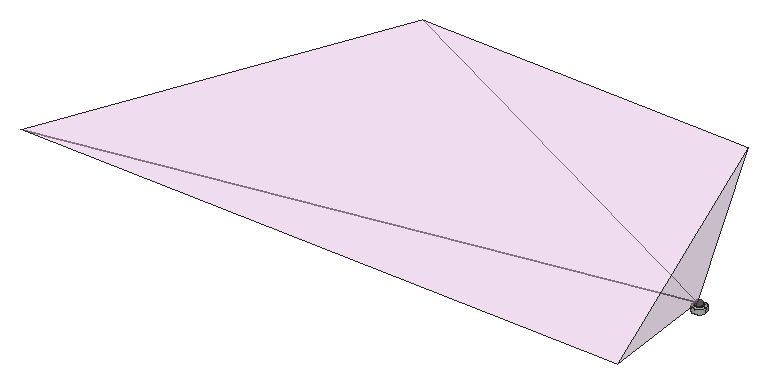
Revit family "Camera-Security-Panasonic-Super_Dynamic-Vandal_Resistant-Waterproof-Dome-Network-S2550LSeriesX", category Security Devices, host Face, Revit 2016
Family settings
  Host = Face
  Maintain Annotation Orientation = No
  Part Type = Normal
  Round Connector Dimension = Use Diameter
  OmniClass Number = 23.85.10.14.11
  OmniClass Title = Cameras
  Cut with Voids When Loaded = No
  Shared = No
  Room Calculation Point = No
Parameters (values of type "WV-S2550L")
  z Zero = 0.000"  # constant formula
  z Yaw Actual [instance] = if(and(On Wall, not(On Ceiling)), Yaw Actual, Yaw Actual + 180.00°)  # 180.00°
  z VV Viewpoint Depth Min = 1.18504"
  z VV Viewpoint Depth Max = 1.18504"
  z VV Viewpoint Depth [instance] = (z VV Viewpoint Depth Max - z VV Viewpoint Depth Min) * z HFOV Ratio + z VV Viewpoint Depth Min  # 1.18504"
  z VV Origin Horizontal Offset [instance] = 0.000"
  z VV Origin HeightX [instance] = 2.42126"  # constant formula
  z VV Origin Height [instance] = if(z Decoration Cover Visible, z Embedded Bottom Offset + z VV Origin HeightX, if(z Base Bracket Visible, z VV Origin HeightX + Base Bracket Height, z VV Origin HeightX))  # 2.42126"
  z VV Origin Angle [instance] = 0.00°
  z Tilt Actual [instance] = Tilt Actual  # 45.00°
  z Pan Actual Safe [instance] = if(Pan Actual = -180.00°, 180.00°, Pan Actual)  # 0.00°
  z Pan Actual [instance] = Pan Actual  # 0.00°
  z Level Offset = 7.87402"  # constant formula
  z HFOV Ratio [instance] = (Horizontal FOV Actual - Horizontal FOV Min) / (Horizontal FOV Max - Horizontal FOV Min)  # 0.38571
  z Dome Radius = Dome Diameter / 2  # 1.65354"
  z Decoration Cover Visible [instance] = Set with Decoration Cover  # no
  z Const Yaw Handle Length = 9.25197"  # constant formula
  z Const Yaw Base2 Length = 17.32283"  # constant formula
  z Const Yaw Base Length = 10.23622"  # constant formula
  z Const Tilt Handle Length = 11.81102"  # constant formula
  z Const Tilt Base2 Length = 19.68504"  # constant formula
  z Const Tilt Base Length = 9.84252"  # constant formula
  z Const Pan Handle Length = 19.48819"  # constant formula
  z Embedded Bottom Offset = -1.68504"
  z Camera Type = 1
  z Camera Top Height [instance] = if(z Decoration Cover Visible, z Level Offset + Base Height + z Embedded Bottom Offset, if(z Base Bracket Visible, z Level Offset + z Camera Bottom Offset + Base Height, z Level Offset + Base Height))  # 10.07874"
  z Camera Radius2 = z Camera Radius * 0.7  # 2.11899"
  z Camera Radius = 3.02714"
  z Camera Center Offset [instance] = 0.000"
  z Camera Bottom Offset [instance] = Base Bracket Height  # 1.41732"
  z Camera Bottom Height [instance] = if(z Base Bracket Visible, z Level Offset + z Camera Bottom Offset, z Level Offset)  # 7.87402"
  z Camera Angle [instance] = 90.00°
  z Base Visible [instance] = not(z Decoration Cover Visible)  # yes
  z Base Bracket Visible [instance] = and(z Camera Type = 1, Has Base Bracket, not(z Decoration Cover Visible))  # no
  Decoration Cover Radius = 4.13976"
  Decoration Cover Wall Height = 0.11811"  # constant formula
  Decoration Cover Hole Radius = 2.08071"
  Decoration Cover Height = 0.51969"
  Base Radius = 3.0315"
  z Dome Offset [instance] = 2.20472"
  Yawing Range = "-100 to +100"  # constant formula
  Yaw Min = -100.00°  # constant formula
  Yaw Max = 100.00°  # constant formula
  Yaw Desired [instance] = 0.00°
  Yaw Actual [instance] = if(Yaw Desired > Yaw Max, Yaw Max, if(Yaw Desired < Yaw Min, Yaw Min, Yaw Desired))  # 0.00°
  Wide Dynamic Range = yes
  Weight [instance] = 3.53 lbf
  Water and Dust Resistance = "IP66 (IEC60529), Type 4X(UL50), NEMA 4X compliant"
  WQHD = Resolution : WQHD
  Voltage DC = 12 V  # constant formula
  Vertical FOV Min [instance] = if(and(Aspect Ratio 4_3, not(Aspect Ratio 16_9)), VFOV Min 43, VFOV Min 169)  # 19.00°
  Vertical FOV Max [instance] = if(and(Aspect Ratio 4_3, not(Aspect Ratio 16_9)), VFOV Max 43, VFOV Max 169)  # 55.00°
  Vertical FOV Actual [instance] = z HFOV Ratio * (Vertical FOV Max - Vertical FOV Min) + Vertical FOV Min  # 32.8857°
  Vandal Resistant = yes
  VFOV Min 43 = 25.00°
  VFOV Min 169 = 19.00°
  VFOV Max 43 = 75.00°
  VFOV Max 169 = 55.00°
  URL = "http://security.panasonic.com/pss/security/"
  Tilting Range = "-30 to +85"  # constant formula
  Tilt Min = -30.00°  # constant formula
  Tilt Max = 85.00°  # constant formula
  Tilt Desired [instance] = 45.00°
  Tilt Actual [instance] = if(Tilt Desired > Tilt Max, Tilt Max, if(Tilt Desired < Tilt Min, Tilt Min, Tilt Desired))  # 45.00°
  Storage Temperature = Operational Temperature  # "-40°F - 140°F"
  Show View Volume [instance] = yes
  Shock Resistance = "Compliant with 50J IEC60068-2-75, IK10 (IEC 62262)"
  Set with Decoration Cover [instance] = no
  Resolution [instance] = Resolution : 5M
  Regulatory Compliance = "UL (UL60950-1), c-UL (CSA C22.2 No.60950-1), CE, IEC60950-1, FCC (Part15 ClassA), ICES003 ClassA, EN55032 ClassB, EN55024"  # constant formula
  Provide Feedback = "https://www.surveymonkey.com/s/95FL6QY"
  Product Page URL = "https://security.panasonic.com/products/wv-s2550l/"
  Product Material = Paint - Panasonic - Light Gray
  Product Documentation Link = "https://bizpartner.panasonic.net/public/ppr/product/9287?accordion_tab=96"
  Power Active = 10.2 W
  Part Number = Model  # "WV-S2550L"
  Part Description = Description  # "Security Camera, Fixed Dome, Network, Super Dynamic  Vandal Resistant  Weatherproof, 5M Pixel, WV-S2550L"
  Panning Range = "-180 to +180"
  Pan Min = -180.00°
  Pan Max = 180.00°
  Pan Desired [instance] = 0.00°
  Pan Actual [instance] = if(Pan Desired > Pan Max, Pan Max, if(Pan Desired < Pan Min, Pan Min, Pan Desired))  # 0.00°
  PPM Desired [instance] = 300
  PPM Actual [instance] = if(PPM Desired > 1, PPM Desired, 1)  # 300
  Original Creation Date = "2018/05/22"
  Operational Temperature = "-40°F - 140°F"
  Operational Humidity = "10 to 100 % (no condensation)"
  On Wall [instance] = no
  On Ceiling [instance] = yes
  Mounting Positions = "Surface Mount"  # constant formula
  Model Disclaimer = "Contact Panasonic for more information"  # constant formula
  Model = "WV-S2550L"
  Minimum Illumination = 0.070 lx  # constant formula
  Manufacturer = "Panasonic"  # constant formula
  Indoor Or Outdoor = "Outdoor"
  IP Or Analog = "IP"  # constant formula
  Horizontal Resolution Actual [instance] = if(and(Aspect Ratio 4_3, not(Aspect Ratio 16_9)), Horizontal Resolution 43, Horizontal Resolution 169)  # 3072
  Horizontal Resolution 43 [instance] = if(Resolution = [5M], 3072, if(Resolution = WQHD, 2560, if(Resolution = Full HD, 1280, 3072)))  # 3072
  Horizontal Resolution 169 [instance] = if(Resolution = [5M], 3072, if(Resolution = WQHD, 2560, if(Resolution = Full HD, 1920, 3072)))  # 3072
  Horizontal FOV Min [instance] = if(and(Aspect Ratio 4_3, not(Aspect Ratio 16_9)), HFOV Min 43, HFOV Min 169)  # 33.00°
  Horizontal FOV Max [instance] = if(and(Aspect Ratio 4_3, not(Aspect Ratio 16_9)), HFOV Max 43, HFOV Max 169)  # 103.00°
  Horizontal FOV Desired [instance] = 60.00°
  Horizontal FOV Actual [instance] = if(Horizontal FOV Desired > Horizontal FOV Max, Horizontal FOV Max, if(Horizontal FOV Desired < Horizontal FOV Min, Horizontal FOV Min, Horizontal FOV Desired))  # 60.00°
  Height = 5.47244"
  Has POE = yes
  Has Base Bracket [instance] = no
  HFOV Min 43 = 33.00°
  HFOV Min 169 = 33.00°
  HFOV Max 43 = 103.00°
  HFOV Max 169 = 103.00°
  Full HD = Resolution : Full HD
  Family Version = "1.0.0"  # constant formula
  Equipment Number [instance] = ""
  Equipment Abbreviation = "SC"
  Dome Diameter = 3.30709"
  Dome Bottom Offset = 0.19685"
  Distance to Screen [instance] = 393.70079"
  Distance to PPM Target [instance] = if(PPM Actual = 0, 0.000", 39.37008" * Horizontal Resolution Actual / (PPM Actual * 2 * tan(Horizontal FOV Actual / 2)))  # 349.1378"
  Distance to Floor [instance] = 118.11024"
  Distance to Ceiling [instance] = 0.000"
  Diameter = 6.45669"
  Description = "Security Camera, Fixed Dome, Network, Super Dynamic  Vandal Resistant  Weatherproof, 5M Pixel, WV-S2550L"
  Default Elevation = 0.000"
  Day Or Night = "Yes"  # constant formula
  Date Last Modified = "2018/05/22"
  Copyright = "Copyright © Panasonic"  # constant formula
  Communication Ports = "10Base-T / 100Base-TX, RJ45 connector"  # constant formula
  Base Bracket Height = 1.41732"
  Base Height = 2.20472"
  Audio Out = "Yes"  # constant formula
  Audio In = "Yes"  # constant formula
  Aspect Ratio 4_3 [instance] = no
  Aspect Ratio 16_9 [instance] = yes
  Angle Of View = "103"
  Alarm Input Or Output Specification = "ALARM IN 1(Alarm input 1/ Black & white input/ Auto time adjustment input) (x1) ALARM IN 2 (Alarm input 2/ ALARM OUT) (x1) , ALARM IN 3 (Alarm input 3/ AUX OUT) (x1)"  # constant formula
  Accessory Part Number [instance] = if(and(Set with Decoration Cover, z Camera Type = 0), "WV-Q174B", if(and(Set with Decoration Cover, z Camera Type = 1), "WV-Q169A", "Select a Mounting Option"))  # "Select a Mounting Option"
  5M = Resolution : 5M
Types (2): name | z HFOV Ratio | z Dome Radius | z Embedded Bottom Offset | z Camera Type | z Camera Radius2 | z Camera Radius | Decoration Cover Radius | Decoration Cover Hole Radius | Decoration Cover Height | Base Radius | Weight | Water and Dust Resistance | Vertical FOV Max | Vertical FOV Actual | VFOV Max 43 | VFOV Max 169 | Storage Temperature | Shock Resistance | Product Page URL | Product Material | Product Documentation Link | Power Active | Part Number | Part Description | Panning Range | Pan Min | Pan Max | Operational Temperature | Operational Humidity | Model | Indoor Or Outdoor | Horizontal FOV Max | Height | HFOV Max 43 | HFOV Max 169 | Dome Diameter | Diameter | Description | Angle Of View
  WV-S2550L | 0.38571 | 1.65354" | -1.68504" | 1 | 2.11899" | 3.02714" | 4.13976" | 2.08071" | 0.51969" | 3.0315" | 3.53 lbf | "IP66 (IEC60529), Type 4X(UL50), NEMA 4X compliant" | 55.00° | 32.8857° | 75.00° | 55.00° | "-40°F - 140°F" | "Compliant with 50J IEC60068-2-75, IK10 (IEC 62262)" | "https://security.panasonic.com/products/wv-s2550l/" | Paint - Panasonic - Light Gray | "https://bizpartner.panasonic.net/public/ppr/product/9287?accordion_tab=96" | 10.2 W | "WV-S2550L" | "Security Camera, Fixed Dome, Network, Super Dynamic  Vandal Resistant  Weatherproof, 5M Pixel, WV-S2550L" | "-180 to +180" | -180.00° | 180.00° | "-40°F - 140°F" | "10 to 100 % (no condensation)" | "WV-S2550L" | "Outdoor" | 103.00° | 5.47244" | 103.00° | 103.00° | 3.30709" | 6.45669" | "Security Camera, Fixed Dome, Network, Super Dynamic  Vandal Resistant  Weatherproof, 5M Pixel, WV-S2550L" | "103"
  WV-S2250L | 0.375 | 1.63386" | -1.67323" | 0 | 1.78445" | 2.54921" | 3.66142" | 1.63386" | 0.61811" | 2.54921" | 1.72 lbf | "N/A" | 56.00° | 32.875° | 76.00° | 56.00° | "14°F - 122°F" | "IK10 (IEC 62262)" | "https://security.panasonic.com/products/wv-s2250l/" | Paint - Panasonic - Sail White | "https://bizpartner.panasonic.net/public/ppr/product/9290?accordion_tab=96" | 8.4 W | "WV-S2250L" | "Security Camera, Fixed Dome, Network, Super Dynamic , 5M Pixel, WV-S2250L" | "-240 to +120" | -240.00° | 120.00° | "14°F - 122°F" | "10 to 90 % (no condensation)" | "WV-S2250L" | "Indoor" | 105.00° | 4.03543" | 105.00° | 105.00° | 3.26772" | 5.09843" | "Security Camera, Fixed Dome, Network, Super Dynamic , 5M Pixel, WV-S2250L" | "105"
Reference planes (in)
  plane 1 "Center (Front/Back)": y = 0
  plane 2: z = 0
  plane 3 "Center (Left/Right)": x = 0
  plane 4 "Body Bottom": z = 0
  plane 5: y = 0
  plane 6 "Level Offset": z = -7.87402
  plane 7 "BP": z = 2.42126
  plane 8: z = 2.20472
  plane 9: z = 2.40157
  plane 10: z = 4.05512
Forms (in)
  Revolve 1, solid, material "Paint - Panasonic - Light Gray" <- "Product Material", visible <- "z Base Visible"
    sketch origin (0, 0, 0) x (0, 0, 1) y (1, 0, 0)
      loop
        line (0.00001, 3.02714) -> (0.00001, 0) -> (2.20472, 0) -> (2.20472, 2.11899) -> (1.70472, 2.87799) -> (0.00001, 3.02714)
      axis (2.20472, 0) -> (0.00001, 0)
    angle from 0 to 360
  Revolve 2, solid, material "Glass - Panasonic - Black"
    sketch origin (0, 0, 0) x (0, 1, 0) y (0, 0, 1)
      loop
        arc (1.65354, 2.40157) -> (1.16923, 3.57081) -> (0, 4.05512) r 1.65354
        line (0, 4.05512) -> (0, 2.20472) -> (1.65354, 2.20472) -> (1.65354, 2.40157)
      axis (0, 2.20472) -> (0, 4.05512)
    angle from 0 to 360
  Extrusion 3, solid
    sketch origin (0, 0, 0) x (1, 0, 0) y (0, 1, 0)
      loop
        circle (0, 0) r 0.3937
    from 0 to 0.3937
Lines and regions (in)
  reference lines
    curve 1: line (0, 0, 0) -> (0, 0, 2.20472)
    curve 2: line (0, -1, 10.89222) -> (0, 1, 10.89222)
  symbolic lines, not visible
    curve 3: line (-1.15, -2.6875, 0) -> (1.15, -2.6875, 0)
Dimensions and locks (in)
  "z Camera Center Offset": plane 5 to plane 1 "Center (Front/Back)"
  "z Level Offset": level to plane 6 "Level Offset"
  "z Camera Bottom Height": plane 4 "Body Bottom" to plane 6 "Level Offset"
  "z VV Origin Height": plane 7 "BP" to level
  "z Camera Top Height": plane 8 to plane 6 "Level Offset"
  "Dome Bottom Offset": plane 8 to plane 9
  "z Dome Radius": plane 10 to plane 9
  "z Camera Radius": Revolve 1 sketch curve to plane 3 "Center (Left/Right)"
  locked: Revolve 1 sketch curve to Revolve 1 sketch curve at 0.5
  "z Camera Radius2": Revolve 1 sketch curve to plane 3 "Center (Left/Right)"
  "z Dome Radius": radius of Revolve 2 sketch curve
  "z Camera Angle": angle curve 1 to plane 4 "Body Bottom"
  locked: Revolve 1 sketch curve to Revolve 1 sketch curve (angle 85.00°)
  aligned and locked: plane 2 to host face
  aligned and locked: level to host face
  aligned and locked: plane 5 to curve 1
  aligned and locked: nested 1 to plane 3 "Center (Left/Right)"
  aligned and locked: nested 1 to plane 1 "Center (Front/Back)"
  aligned and locked: plane 8 to Revolve 1 sketch curve
Automatic sketch dimensions
  host sketch curve to host sketch curve = 96.000"  (x2)
  curve 3 to plane 3 "Center (Left/Right)" = 1.150"
  plane 3 "Center (Left/Right)" to curve 3 = 1.150"
  curve 1 to curve 2 = 1.000"
  curve 1 to curve 2 = 8.6875"
  curve 2 to curve 1 = 1.000"
  plane 1 "Center (Front/Back)" to curve 3 = 2.6875"
  Revolve 2 sketch curve to plane 1 "Center (Front/Back)" = 0.000"
  Revolve 2 sketch curve to plane 9 = 0.000"
  plane 8 to Revolve 2 sketch curve = 0.000"
  Revolve 2 sketch curve to plane 10 = 0.000"
  plane 1 "Center (Front/Back)" to Extrusion 3 sketch curve = 0.000"
  Extrusion 3 sketch curve to plane 3 "Center (Left/Right)" = 0.000"
  curve 1 to level = 0.000"
  Revolve 1 sketch curve to plane 3 "Center (Left/Right)" = 0.000"  (x2)
  level to Revolve 1 sketch curve = 0.00001"
  Revolve 1 sketch curve to level = 0.45341"
  plane 7 "BP" to Revolve 1 sketch curve = 0.01657"
  radius of Extrusion 3 sketch curve = 0.3937"
Nested families (in)
  nested 1: "Camera-Security-Panasonic-ViewVolumePTYZ" at (0, 0, 2.42126), Viewpoint Depth <- "z VV Viewpoint Depth", Base Height Offset <- "z VV Origin Height", Base Angle Offset <- "z VV Origin Angle", Viewpoint Origin Horizontal Offset <- "z VV Origin Horizontal Offset", Yaw <- "Yaw Actual", Tilt <- "Tilt Actual", Pan <- "Pan Actual", HFOV <- "Horizontal FOV Actual", VFOV <- "Vertical FOV Actual", On Wall <- "On Wall", On Ceiling <- "On Ceiling", Screen Depth <- "Distance to Screen", Floor Distance <- "Distance to Floor", Ceiling Distance <- "Distance to Ceiling", Target Depth <- "Distance to PPM Target", visible <- "Show View Volume", type "Camera-Security-Panasonic-ViewVolumePTYZ"
    with z Yaw Actual 0.00°, z Void Width 1249.22068", z Void Thickness 397.30709", z Void Height Start -624.61034", z Void Height End 624.61034", z Void Direction 0, z Void Angle 0.00°, z Viewpoint Depth 1.18504", z Tilt Actual 45.00°, z Target Width 403.14961", z Target Visible yes, z Target Height 206.08136", z Target Depth 350.32284", z Screen Width 454.60651", z Screen Height 232.38502", z Screen Depth 394.88583", z Pan Actual 0.00°, z Floor Distance 118.11024", z Ceiling Distance 0.000", Yaw 0.00°, Viewpoint Origin Horizontal Offset 0.000", Viewpoint Depth 1.18504", VFOV 32.8857°, Tilt 45.00°, Target Depth 349.1378", Screen Depth 393.70079", Pan 0.00°, On Wall no, On Floor no, On Default Mount Type 0, On Ceiling yes, HFOV 60.00°, Floor Distance 118.11024", Ceiling Distance 0.000", Base Height Offset 2.42126", Base Angle Offset 0.00°
  nested 2: "Base Bracket" at (0, 0, 0), visible <- "z Base Bracket Visible", Base Bracket Height <- "Base Bracket Height", Visible <- "z Base Bracket Visible", Product Material <- "Product Material", type "Base Bracket"
    with Visible no, Product Material Paint - Panasonic - Light Gray, Inner Diameter 3.14961", Base Bracket Height 1.41732", Base Bracket Diameter 3.22835"
  nested 3: "Decoration Cover" at (0, 0, 0), visible <- "z Decoration Cover Visible", Product Material <- "Product Material", Decoration Cover Radius <- "Decoration Cover Radius", Decoration Cover Height <- "Decoration Cover Height", Hole Radius <- "Decoration Cover Hole Radius", Wall Height <- "Decoration Cover Wall Height", type "Decoration Cover"
    with Wall Height 0.11811", Top Ring Width 0.41398", Product Material Paint - Panasonic - Light Gray, Hole Radius 2.08071", Decoration Cover Radius 4.13976", Decoration Cover Height 0.51969"
Connectors (in)
  electrical at (0, 0, 0), driven by "Power Active", driven by "Voltage DC"
    settings: on host face, index 3, voltage 12 V, apparent load 10.2 W, apparent load phase1 0.0 W, apparent load phase2 0.0 W, apparent load phase3 0.0 W, power factor 1, load classification "Other", number of poles 1, system type 30, power factor state 1, is connector primary yes, connector utility no, sub classification motor no, connector description "Electrical Connection"
  electrical at (0, 0, 0)
    settings: on Extrusion 3, index 5, voltage 0 V, apparent load 0.0 W, apparent load phase1 0.0 W, apparent load phase2 0.0 W, apparent load phase3 0.0 W, power factor 1, load classification "Other", number of poles 1, system type 5, power factor state 1, is connector primary no, connector utility no, sub classification motor no, connector description "Data Connection"
Definition of nested family "Camera-Security-Panasonic-ViewVolumePTYZ"
  Parameters
    z Yaw Actual [instance] = if(Yaw < 0.00°, 360.00° - (abs(Yaw) - rounddown(abs(Yaw) / 360.00°) * 360.00°), Yaw - rounddown(Yaw / 360.00°) * 360.00°)  # 0.00°
    z Void Width [instance] = if(z Screen Width > z Screen Height, z Screen Width, z Screen Height) + abs(Viewpoint Origin Horizontal Offset) + z Void Thickness * 2  # 1265.63013"
    z Void Thickness [instance] = z Screen Depth + abs(Base Height Offset)  # 405.51181"
    z Void Height Start [instance] = -z Void Width / 2  # -632.81507"
    z Void Height End [instance] = z Void Width / 2  # 632.81507"
    z Void Direction [instance] = if((if(On Wall, 1, 0) + if(On Floor, 1, 0) + if(On Ceiling, 1, 0)) = 1, if(On Ceiling, 0, if(On Wall, 1, 2)), On Default Mount Type)  # 0
    z Viewpoint Depth [instance] = if(Viewpoint Depth < 0.03937", 0.03937", Viewpoint Depth)  # 5.90551"
    z Tilt Actual [instance] = if(Tilt < 0.00°, 360.00° - (abs(Tilt) - rounddown(abs(Tilt) / 360.00°) * 360.00°), Tilt - rounddown(Tilt / 360.00°) * 360.00°)  # 45.00°
    z Target Visible [instance] = not(Screen Depth < Target Depth)  # yes
    z Target Thickness Start = -z Target Thickness / 2  # -0.03937"
    z Target Thickness End = z Target Thickness / 2  # 0.03937"
    z Target Depth [instance] = Target Depth + Viewpoint Depth  # 84.64567"
    z Pan Actual [instance] = if(Pan < 0.00°, 360.00° - (abs(Pan) - rounddown(abs(Pan) / 360.00°) * 360.00°), Pan - rounddown(Pan / 360.00°) * 360.00°)  # 0.00°
    z Floor Distance [instance] = if(z Void Direction = 2, if(Floor Distance < 0.000", 0.000", Floor Distance), if(Floor Distance < 0.3937", 0.3937", Floor Distance))  # 118.11024"
    z Const Yaw Base2 Length = 17.32283"  # constant formula
    z Const Tilt Base2 Length = 19.68504"  # constant formula
    z Ceiling Distance [instance] = if(z Void Direction = 2, if(Ceiling Distance < 0.3937", 0.3937", Ceiling Distance), if(Ceiling Distance < 0.000", 0.000", Ceiling Distance))  # 0.000"
    z Const Void Handle Length = 23.62205"  # constant formula
    z Void Angle [instance] = if(z Void Direction = 0, 0.00° + Base Angle Offset, if(z Void Direction = 1, 90.00° + Base Angle Offset, 180.00° + Base Angle Offset))  # 0.00°
    z Screen Depth [instance] = if(Screen Depth < 3.93701", 3.93701" + Viewpoint Depth, Screen Depth + Viewpoint Depth)  # 399.6063"
    Original Creation Date = "September, 15, 2016"  # constant formula
    On Default Mount Type [instance] = 0
    Manufacturer = "Panasonic"  # constant formula
    Family Version = "1.0.0"  # constant formula
    Default Elevation = 48.000"
    Date Last Modified = "September, 15, 2016"  # constant formula
    Copyright = "Copyright © Panasonic"  # constant formula
    Base Height Offset [instance] = 5.90551"
    Base Angle Offset [instance] = 0.00°
    z Viewpoint Width = 0.03937"  # constant formula
    z Viewpoint Height = 0.03937"  # constant formula
    VFOV [instance] = 33.75°
    z Target Width [instance] = Target Depth * tan(HFOV / 2) * 2  # 90.9213"
    z Target Thickness = 0.07874"  # constant formula
    z Target Height [instance] = Target Depth * tan(VFOV / 2) * 2  # 47.77113"
    Target Depth [instance] = 78.74016"
    z Screen Width [instance] = (z Screen Depth - Viewpoint Depth) * tan(HFOV / 2) * 2  # 454.60651"
    z Screen Height [instance] = (z Screen Depth - Viewpoint Depth) * tan(VFOV / 2) * 2  # 238.85566"
    Screen Depth [instance] = 393.70079"
    z Const Yaw Handle Length = 9.25197"  # constant formula
    z Const Yaw Base Length = 10.23622"  # constant formula
    Viewpoint Depth [instance] = 5.90551"
    Viewpoint Origin Horizontal Offset [instance] = 0.000"
    z Const Tilt Handle Length = 14.17323"  # constant formula
    z Const Tilt Base Length = 9.84252"  # constant formula
    z Const Pan Handle Length = 19.68504"  # constant formula
    z Const Pan Axis Length = 15.74803"  # constant formula
    On Wall [instance] = no
    On Floor [instance] = no
    On Ceiling [instance] = yes
    HFOV [instance] = 60.00°
    Yaw [instance] = 0.00°
    Tilt [instance] = 45.00°
    Pan [instance] = 0.00°
    Floor Distance [instance] = 118.11024"
    Ceiling Distance [instance] = 0.000"
  Reference planes (in)
    plane 1 "Center (Front/Back)": y = 0
    plane 2: z = 0
    plane 3 "Center (Left/Right)": x = 0
    plane 4 "VoidOffsetBase": z = -5.90551
  Forms (in)
    Extrusion 1, void
      sketch origin (0, 0, -5.90551) x (0, 0, 1) y (0, -1, 0)
        loop
          line (523.62205, 632.81507) -> (118.11024, 632.81507) -> (118.11024, -632.81507) -> (523.62205, -632.81507) -> (523.62205, 632.81507)
        loop
          line (0, 632.81507) -> (-405.51181, 632.81507) -> (-405.51181, -632.81507) -> (0, -632.81507) -> (0, 632.81507)
      from -632.81507 <- "z Void Height Start" to 632.81507 <- "z Void Height End"
    Blend 2, solid
      base sketch origin (0, -4.17583, 4.17583) x (0, 0.707107, 0.707107) y (-1, 0, 0)
        loop
          line (-0.01969, -0.01969) -> (0.01969, -0.01969) -> (0.01969, 0.01969) -> (-0.01969, 0.01969) -> (-0.01969, -0.01969)
      top sketch origin (0, -282.56432, 282.56432) x (0, 0.707107, 0.707107) y (-1, 0, 0)
        loop
          line (-119.42783, -227.30326) -> (119.42783, -227.30326) -> (119.42783, 227.30326) -> (-119.42783, 227.30326) -> (-119.42783, -227.30326)
      from 0 to 0
    Extrusion 3, solid, visible <- "z Target Visible"
      sketch origin (0, -59.85353, 59.85353) x (0, 0.707107, 0.707107) y (-1, 0, 0)
        loop
          line (-23.88557, -45.46065) -> (23.88557, -45.46065) -> (23.88557, 45.46065) -> (-23.88557, 45.46065) -> (-23.88557, -45.46065)
      from -0.03937 <- "z Target Thickness Start" to 0.03937 <- "z Target Thickness End"
  Cuts and joins
    Extrusion 1 cuts Blend 2
    Extrusion 1 cuts Extrusion 3
  Lines and regions (in)
    reference lines
      curve 1: line (0, 0, 0) -> (19.68504, 0, 0)
      curve 2: line (0, 0, -15.74803) -> (0, 0, 0)
      curve 3: line (0, 0, 0) -> (0, -9.84252, 0)
      curve 4: line (0, 0, 0) -> (0, 0, 19.68504)
      curve 5: line (0, -10.02199, 10.02199) -> (0, 0, 0)
      curve 6: line (0, 0, 0) -> (0, 7.2381, 7.2381)
      curve 7: line (0, 0, 0) -> (-17.32283, 0, 0)
      curve 8: line (0, 0, 0) -> (-9.25197, 0, 0)
      curve 9: line (0, -4.17583, 4.17583) -> (0, 0, 0)
      curve 10: line (0, 0, 0) -> (0, -59.85353, 59.85353)
      curve 11: line (0, 0, 0) -> (0, -282.56432, 282.56432)
      curve 12: line (-0.01969, -4.16191, 4.18975) -> (0.01969, -4.16191, 4.18975)
      curve 13: line (-0.01969, -4.18975, 4.16191) -> (0.01969, -4.18975, 4.16191)
      curve 14: line (-0.01969, -4.16191, 4.18975) -> (-0.01969, -4.18975, 4.16191)
      curve 15: line (0.01969, -4.16191, 4.18975) -> (0.01969, -4.18975, 4.16191)
      curve 16: line (-45.46065, -42.96388, 76.74317) -> (45.46065, -42.96388, 76.74317)
      curve 17: line (-45.46065, -76.74317, 42.96388) -> (45.46065, -76.74317, 42.96388)
      curve 18: line (-45.46065, -42.96388, 76.74317) -> (-45.46065, -76.74317, 42.96388)
      curve 19: line (45.46065, -42.96388, 76.74317) -> (45.46065, -76.74317, 42.96388)
      curve 20: line (-227.30326, -198.1161, 367.01255) -> (-227.30326, -367.01255, 198.1161)
      curve 21: line (227.30326, -198.1161, 367.01255) -> (227.30326, -367.01255, 198.1161)
      curve 22: line (-227.30326, -198.1161, 367.01255) -> (227.30326, -198.1161, 367.01255)
      curve 23: line (-227.30326, -367.01255, 198.1161) -> (227.30326, -367.01255, 198.1161)
      curve 24: line (0, 0, -5.90551) -> (0, 0, 17.71654)
      curve 25: line (0, -632.81507, 517.71654) -> (0, 632.81507, 517.71654)
      curve 26: line (0, -632.81507, 112.20472) -> (0, -632.81507, 517.71654)
      curve 27: line (0, 632.81507, 112.20472) -> (0, -632.81507, 112.20472)
      curve 28: line (0, 632.81507, 517.71654) -> (0, 632.81507, 112.20472)
      curve 29: line (0, -632.81507, -5.90551) -> (0, 632.81507, -5.90551)
      curve 30: line (0, -632.81507, -411.41732) -> (0, -632.81507, -5.90551)
      curve 31: line (0, 632.81507, -411.41732) -> (0, -632.81507, -411.41732)
      curve 32: line (0, 632.81507, -5.90551) -> (0, 632.81507, -411.41732)
  Dimensions and locks (in)
    "z Const Pan Handle Length": curve 1 to curve 1
    "z Const Pan Axis Length": curve 2 to curve 2
    "z Const Tilt Base Length": curve 3 to curve 3
    "z Const Pan Axis Length": curve 1 to curve 2
    "Viewpoint Origin Horizontal Offset": curve 4 to curve 2
    "z Const Tilt Base2 Length": curve 4 to curve 4
    "z Const Tilt Handle Length": curve 5 to curve 5
    "z Const Yaw Base Length": curve 6 to curve 6
    "z Const Yaw Base2 Length": curve 7 to curve 7
    "z Const Yaw Handle Length": curve 8 to curve 8
    "z Viewpoint Depth": curve 9 to curve 9
    "z Target Depth": curve 10 to curve 10
    "z Screen Depth": curve 11 to curve 11
    equal spacing: curve 13, curve 9, curve 12
    "z Viewpoint Height": curve 13 to curve 12
    equal spacing: curve 14, curve 9, curve 15
    "z Viewpoint Width": curve 14 to curve 15
    equal spacing: curve 17, curve 10, curve 16
    "z Target Height": curve 17 to curve 16
    equal spacing: curve 18, curve 10, curve 19
    "z Target Width": curve 18 to curve 19
    equal spacing: curve 20, curve 11, curve 21
    "z Screen Width": curve 20 to curve 21
    equal spacing: curve 23, curve 11, curve 22
    "z Screen Height": curve 23 to curve 22
    "z Const Void Handle Length": curve 24 to curve 24
    equal spacing: curve 26, curve 24, curve 28
    "z Void Width": curve 26 to curve 28
    "z Floor Distance": curve 27 to curve 24
    "z Ceiling Distance": curve 29 to curve 24
    "z Void Thickness": curve 31 to curve 29
    "z Void Thickness": curve 25 to curve 27
    "Base Height Offset": level to plane 4 "VoidOffsetBase"
    locked: curve 3 to curve 2 (angle 90.00°)
    locked: curve 3 to curve 4 (angle 90.00°)
    "z Tilt Actual": angle curve 4 to curve 5
    locked: curve 6 to curve 7 (angle 90.00°)
    locked: curve 6 to curve 5 (angle 90.00°)
    locked: curve 9 to curve 5 (angle 0.00°)
    locked: curve 10 to curve 5 (angle 0.00°)
    locked: curve 11 to curve 5 (angle 0.00°)
    "z Void Angle": angle plane 1 "Center (Front/Back)" to curve 24
    "z Yaw Actual": angle curve 7 to curve 8
    "z Pan Actual": angle plane 1 "Center (Front/Back)" to curve 1
    aligned and locked: level to plane 2
    aligned and locked: curve 2 to curve 1
    aligned and locked: curve 2 to curve 3
    aligned and locked: curve 3 to curve 2
    aligned and locked: curve 3 to curve 5
    aligned and locked: curve 6 to curve 7
    aligned and locked: curve 6 to curve 8
    aligned and locked: curve 8 to curve 7
    aligned and locked: curve 7 to curve 6
    aligned and locked: curve 5 to curve 11
    aligned and locked: curve 11 to curve 8
    aligned and locked: curve 12 to curve 15
    aligned and locked: curve 15 to curve 15
    aligned and locked: curve 14 to curve 14
    aligned and locked: curve 13 to curve 15
    aligned and locked: curve 16 to curve 19
    aligned and locked: curve 18 to curve 18
    aligned and locked: curve 17 to curve 19
    aligned and locked: curve 22 to curve 22
    aligned and locked: curve 21 to curve 23
    aligned and locked: curve 20 to curve 23
    aligned and locked: curve 23 to curve 23
    aligned and locked: plane 1 "Center (Front/Back)" to curve 24
    aligned and locked: curve 30 to curve 26
    aligned and locked: curve 28 to curve 32
    aligned and locked: Extrusion 1 sketch curve to curve 25
    aligned and locked: Extrusion 1 sketch curve to curve 26
    aligned and locked: Extrusion 1 sketch curve to curve 27
    aligned and locked: Extrusion 1 sketch curve to curve 28
    aligned and locked: Extrusion 1 sketch curve to curve 29
    aligned and locked: Extrusion 1 sketch curve to curve 30
    aligned and locked: Extrusion 1 sketch curve to curve 31
    aligned and locked: Extrusion 1 sketch curve to curve 32
    aligned and locked: Extrusion 1 sketch curve to Extrusion 1 sketch curve  (x8)
    aligned and locked: Blend 2 sketch curve to curve 15
    aligned and locked: Blend 2 sketch curve to curve 13
    aligned and locked: Blend 2 sketch curve to curve 14
    aligned and locked: Blend 2 sketch curve to curve 12
    aligned and locked: Blend 2 sketch curve to Blend 2 sketch curve  (x8)
    aligned and locked: Blend 2 sketch curve to curve 21
    aligned and locked: Blend 2 sketch curve to curve 23
    aligned and locked: Blend 2 sketch curve to curve 20
    aligned and locked: Blend 2 sketch curve to curve 22
    aligned and locked: Extrusion 3 sketch curve to curve 19
    aligned and locked: Extrusion 3 sketch curve to curve 17
    aligned and locked: Extrusion 3 sketch curve to curve 18
    aligned and locked: Extrusion 3 sketch curve to curve 16
    aligned and locked: Extrusion 3 sketch curve to Extrusion 3 sketch curve  (x4)
    aligned and locked: plane 3 "Center (Left/Right)" to curve 1
    aligned and locked: plane 1 "Center (Front/Back)" to curve 1
    aligned and locked: level to curve 2
    aligned and locked: plane 4 "VoidOffsetBase" to curve 24
  Automatic sketch dimensions
    curve 6 to curve 5 = 0.000"
    curve 6 to curve 5 = 10.23622"
Definition of nested family "Decoration Cover"
  Parameters (values of type "Decoration Cover")
    Wall Height [instance] = 0.11811"
    Top Ring Width [instance] = Decoration Cover Radius / 10  # 0.36614"
    Product Material [instance] = none
    Hole Radius [instance] = 1.65354"
    Default Elevation = 48.000"
    Decoration Cover Height [instance] = 0.61811"
    Decoration Cover Radius [instance] = 3.66142"
  Reference planes (in)
    plane 1 "Center (Front/Back)": y = 0
    plane 2: z = 0
    plane 3 "Center (Left/Right)": x = 0
    plane 4: y = 3.66142
    plane 5: z = 0.61811
    plane 6: z = 0.11811
    plane 7: y = 1.65354
    plane 8: y = 2.01969
  Forms (in)
    Extrusion 1, solid
      sketch origin (0, 0, 0) x (1, 0, 0) y (0, 1, 0)
        loop
          line (-48, 48) -> (-48, -48) -> (48, -48) -> (48, 48) -> (-48, 48)
      from 0 to -12
    Revolve 2, solid, material <- "Product Material"
      sketch origin (0, 0, 0) x (0, 1, 0) y (0, 0, 1)
        loop
          line (2.01969, 0.61811) -> (1.65354, 0.61811) -> (1.65354, 0) -> (3.66142, 0) -> (3.66142, 0.11811) -> (2.01969, 0.61811)
        axis (0, 0) -> (0, 0.61811)
      angle from 0 to 360
  Dimensions and locks (in)
    "Decoration Cover Radius": plane 1 "Center (Front/Back)" to plane 4
    "Decoration Cover Height": plane 5 to level
    "Hole Radius": plane 1 "Center (Front/Back)" to plane 7
    "Top Ring Width": plane 7 to plane 8
    "Wall Height": plane 6 to level
    aligned and locked: plane 2 to Extrusion 1
    aligned and locked: level to Extrusion 1
    aligned and locked: Revolve 2 sketch curve to plane 4
    aligned and locked: plane 8 to Revolve 2 sketch curve
  Automatic sketch dimensions
    Extrusion 1 sketch curve to Extrusion 1 sketch curve = 96.000"  (x2)
    Revolve 2 sketch curve to plane 1 "Center (Front/Back)" = 0.000"
    Revolve 2 sketch curve to level = 0.000"
    Revolve 2 sketch curve to plane 7 = 0.000"
    Revolve 2 sketch curve to plane 6 = 0.000"
    Revolve 2 sketch curve to plane 5 = 0.000"
    Revolve 2 sketch curve to level = 24.000"
    plane 5 to Revolve 2 sketch curve = 91.65775"
